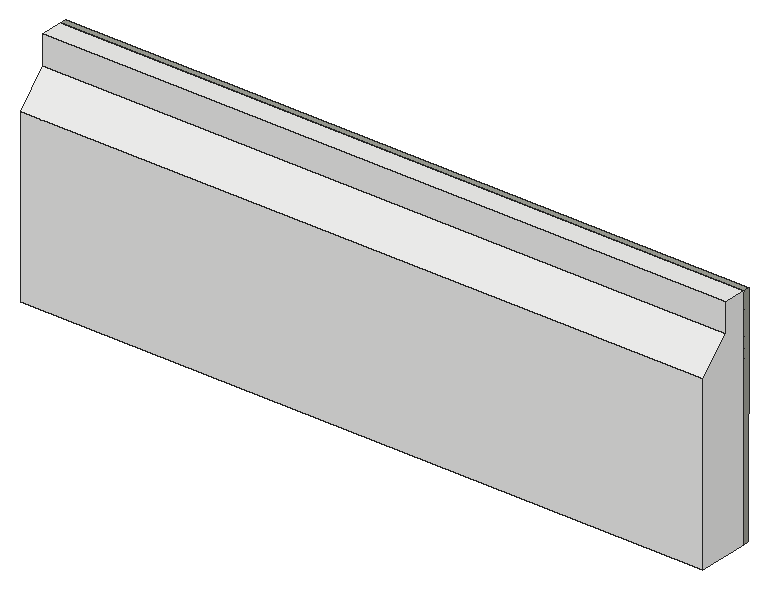
Revit family "Legalett_I-Element_Linatex", category Structural Foundations, Revit 2023
Family settings
  Material for Model Behavior = Other
  Cap = No
  OmniClass Number = 23.25.05.00
  OmniClass Title = Foundations
  Work Plane-Based = No
  Always vertical = Yes
  Cut with Voids When Loaded = No
  Shared = No
  Show family pre-cut in plan views = Yes
Parameters (values of type "L400 Linatex S200")
  Width = 500 mm
  Type Comments = "21200-400"
  Thickness = 100 mm
  Structural Material = Default
  Model = "Kantelement L400 Linatex S200"
  Manufacturer = "Legalett"
  Length [instance] = 1200 mm
  Keynote = ""
  Foundation Thickness = 400 mm
  Foundation Length [instance] = Length  # 1200 mm
  Description = ""
  Assembly Code = ""
Types (4, lengths in mm): name | Type Comments | Model | Foundation Thickness
  L300 Linatex S200 | "21200-300" | "Kantelement L300 Linatex S200" | 300
  L400 Linatex S200 | "21200-400" | "Kantelement L400 Linatex S200" | 400
  L450 Linatex S200 | "21200-450" | "Kantelement L450 Linatex S200" | 450
  L500 Linatex S200 | "21200-500" | "Kantelement L500 Linatex S200" | 500
Reference planes
  plane 1 "Center (Front/Back)": y = 0
  plane 2: z = 0
  plane 3 "Center (Left/Right)": x = 0
  plane 4: x = -600
  plane 5: x = 600
  plane 6: y = -275
  plane 7: z = 400
  plane 8: z = 350
  plane 9: z = 300
  plane 10: y = 225
  plane 11: y = 325
Forms (mm)
  Extrusion 1, solid, material "EPS100"
    sketch origin (0, 0, 0) x (0, 1, 0) y (0, 0, 1)
      loop
        line (275, 350) -> (225, 300) -> (225, 0) -> (315, 0) -> (315, 400) -> (275, 400) -> (275, 350)
    from -600 to 600
  Extrusion 2, solid, material "element betong"
    sketch origin (0, 0, 0) x (0, 1, 0) y (0, 0, 1)
      loop
        line (325, 400) -> (315, 400) -> (315, 0) -> (325, 0) -> (325, 400)
    from -600 to 600
Dimensions and locks
  equal spacing: plane 4, plane 3 "Center (Left/Right)", plane 5
  "Length": plane 4 to plane 5
  plane 1 "Center (Front/Back)" to plane 6 = 275 mm
  locked: Extrusion 1 sketch curve to Extrusion 1 sketch curve at 50
  locked: plane 9 to Extrusion 1 sketch curve at 50
  "Thickness": plane 11 to plane 10
  "Foundation Thickness": plane 7 to level
  locked: plane 7 to plane 9 at 100
  aligned and locked: plane 2 to level
  aligned and locked: plane 5 to Extrusion 2
  aligned and locked: Extrusion 2 to plane 4
  aligned and locked: Extrusion 1 to plane 4
  aligned and locked: plane 5 to Extrusion 1
  aligned and locked: plane 7 to Extrusion 2 sketch curve
  aligned and locked: Extrusion 2 sketch curve to plane 2
  aligned and locked: Extrusion 1 to plane 10
  aligned and locked: Extrusion 2 to Extrusion 1
  aligned and locked: Extrusion 1 to level
  aligned and locked: plane 11 to Extrusion 2
Automatic sketch dimensions
  Extrusion 2 sketch curve to plane 11 = 0 mm
  plane 11 to Extrusion 2 sketch curve = 10 mm
  Extrusion 1 sketch curve to level = 0 mm
  Extrusion 1 sketch curve to plane 10 = 0 mm
  plane 9 to Extrusion 1 sketch curve = 0 mm
  plane 11 to Extrusion 1 sketch curve = 10 mm
  plane 10 to Extrusion 1 sketch curve = 50 mm
